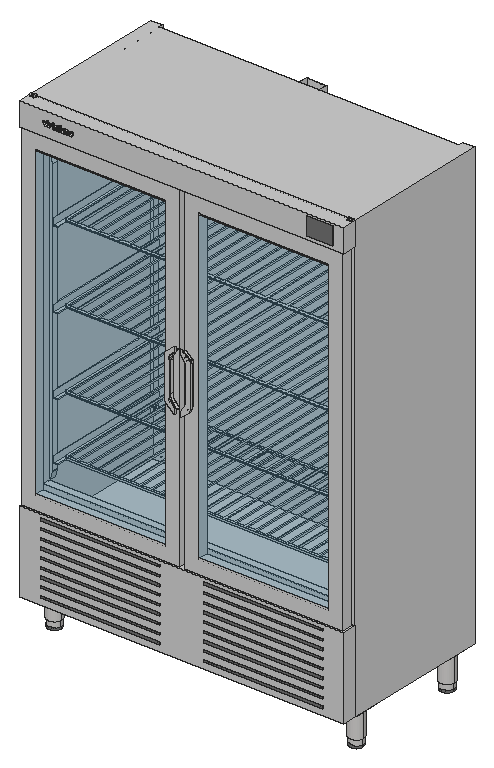
Revit family "QF_INFRICO_AEX1000TF_250814103541", category Specialty Equipment, Revit 2021
Family settings
  Round Connector Dimension = Use Diameter
  Part Type = Normal
  OmniClass Number = 23.40.40.14
  OmniClass Title = Food Service Equipment
  Work Plane-Based = No
  Always vertical = Yes
  Cut with Voids When Loaded = No
  Shared = No
  Room Calculation Point = No
Parameters (values of type "AEX1000TF")
  Weight [instance] = 0.00 kg
  Waste Water Discharge Temperature [instance] = 0 °C
  Waste Remarks [instance] = ""
  Warranty Start Date [instance] = ""
  Warranty Duration [instance] = ""
  Volts [instance] = 230 V
  Volt Free Conn [instance] = no
  URL Recommended Spares List [instance] = ""
  URL Manufacturer [instance] = ""
  URL Cutsheet [instance] = ""
  URL Critical Spares List [instance] = ""
  URL = "www.infrico.com"
  Technical Documentation [instance] = ""
  Tag Number [instance] = ""
  Status [instance] = ""
  Start Up Current [instance] = 0 A
  Specification by User [instance] = ""
  Specification by Manufacturer [instance] = ""
  Sound Level [instance] = ""
  Show Logo [instance] = yes
  Show Clearances [instance] = yes
  Service Life Duration [instance] = ""
  Serial Number [instance] = ""
  Seismic Rating [instance] = ""
  SMACNA No [instance] = ""
  Revision Code [instance] = ""
  Revision [instance] = ""
  Production Year [instance] = ""
  Potential Equalisation [instance] = no
  Point Load [instance] = 0
  Plumbing Connection Type [instance] = ""
  Phase [instance] = 1
  Other Equipment Approvals [instance] = ""
  Operational Current [instance] = 0 A
  Number of Poles [instance] = 2
  No Load Power Draw [instance] = no
  NAFEM Spec ID Number [instance] = ""
  Model Warning [instance] = ""
  Model = "AEX1000TF"
  Min Ckt Ampacity [instance] = 0 A
  Max Overcurrent Protection [instance] = 0 A
  Masterspec [instance] = ""
  Manufacturer = "INFRICO"
  Main switch integrated [instance] = no
  Length Actual [instance] = 1385 mm
  Item Number [instance] = ""
  Installed By [instance] = ""
  Installation Date [instance] = ""
  Indirect Waste Size [instance] = 19.05 mm
  Indirect Waste Remarks [instance] = ""
  Indirect Waste Flow [instance] = 0.0 L/s
  Indirect Waste Connection Type [instance] = ""
  Indirect Waste Connection Height [instance] = 0 mm
  Identify Quantity as Lot [instance] = no
  ID [instance] = ""
  Hygiene Approval [instance] = ""
  Height Actual [instance] = 2060 mm
  HP power [instance] = ""
  Furnished By [instance] = ""
  Foodservice Equipment Identifier [instance] = no
  FL Amps [instance] = 0 A
  Electrical Remarks [instance] = ""
  Electric power [instance] = 830 W
  Electric Connection Type [instance] = ""
  Elec Conn RI Height [instance] = 0 mm
  Elec Conn Connection Height [instance] = 0 mm
  ETL Approved [instance] = no
  Direct Waste Water Discharge Temperature [instance] = -273.15 °C
  Direct Waste Size [instance] = 19.05 mm
  Direct Waste RI Height [instance] = 0 mm
  Direct Waste Flow [instance] = 0.0 L/s
  Direct Waste Connection Height [instance] = 0 mm
  Description = "BOTTOM MOUNTED REFRIGERATOR AND FREEZER GLASS DOOR REACH IN - TWO DOORS - R134A"
  Depth Actual [instance] = 700 mm
  Default Elevation = 0 mm
  Cycle [instance] = 50 Hz
  Cost = 0
  Connection to energy optimisation system [instance] = yes
  Conn Plug [instance] = ""
  Conn Conduit [instance] = no
  Centralized building control system with digital interface [instance] = ""
  CSI MasterFormat [instance] = ""
  CE Approved [instance] = no
  Barcode [instance] = 0
  Author [instance] = ""
  Asset Identifier [instance] = ""
  Apparent Power [instance] = 830 VA
  Accessory [instance] = no
Reference planes
  plane 1 "Center (Front/Back)": y = 0
  plane 2: z = 0
  plane 3 "Center (Left/Right)": x = 0
Forms (mm)
  Extrusion 1, solid, not visible
    sketch origin (693.034, -106.005, 409.52) x (1, 0, 0) y (0, 1, 0)
      loop
        line (-2, 2) -> (-2, -2) -> (2, -2) -> (2, 2) -> (-2, 2)
    from -2 to 2
  Extrusion 2, solid, not visible
    sketch origin (1261.062, -20.001, 2021.099) x (1, 0, 0) y (0, 1, 0)
      loop
        line (-2, 2) -> (-2, -2) -> (2, -2) -> (2, 2) -> (-2, 2)
    from -2 to 2
Dimensions and locks
  locked: nested 2 to Extrusion 1 at 2  (x2)
  locked: nested 3 to Extrusion 2 at 2  (x2)
  aligned and locked: level to plane 2
Nested families
  nested 1: "QF_INFRICO_AEX1000TF_2920" at (0, 0, 150), type "AEX1000TF"
    with Weight 0.00 kg, Warranty Start Date "", Warranty Duration "", URL Cutsheet "", Technical Documentation "", Tag Number "", Status "", Specification by User "", Specification by Manufacturer "", Sound Level "", Solid Fuel Type "", Show Logo yes, Show Clearances yes, Show Clearance yes, Service Life Duration "", Serial Number "", Seismic Rating "", SMACNA No "", Revision Code "", Revision "", Production Year "", Point Load 0, Other Equipment Approvals "", NAFEM Spec ID Number "", Model Warning "", Masterspec "", Length Actual 1385 mm, Item Number "", Installed By "", Installation Date "", Identify Quantity as Lot yes, ID "", Hygiene Approval "", Height Actual 2060 mm, Furnished By "", Foodservice Equipment Identifier yes, ETL Approved yes, Depth Actual 700 mm, CSI MasterFormat "", CE Approved no, Barcode "", Author "", Asset Identifier "", Accessory no
  nested 2: "CONN_POINT_DRAIN_2D___Generic_Annotation" at (693.034, -106.005, 407.52), type "CONN_POINT_DRAIN_2D___Generic_Annotation"
    with Onboard connection annotation symbol visibility yes
  nested 3: "CONN_POINT_ELE_2D___Generic_Annotation" at (1261.062, -20.001, 2019.099), type "CONN_POINT_ELE_2D___Generic_Annotation"
    with Onboard connection annotation symbol visibility yes
  nested 4: "QF_INFRICO_LEGS_REACH_INS_5363" at (0, 0, 0), type "LEGS_1385_640"
    with Weight 0.00 kg, Warranty Start Date "", Warranty Duration "", URL Cutsheet "", Technical Documentation "", Tag Number "", Status "", Specification by User "", Specification by Manufacturer "", Sound Level "", Solid Fuel Type "", Show Logo yes, Show Clearances yes, Service Life Duration "", Serial Number "", Seismic Rating "", SMACNA No "", Revision Code "", Revision "", Production Year "", Point Load 0, Other Equipment Approvals "", NAFEM Spec ID Number "", Model Warning "", Masterspec "", Length Actual 1385 mm, Item Number "", Installed By "", Installation Date "", Identify Quantity as Lot yes, ID "", Hygiene Approval "", Height Actual 150 mm, Furnished By "", Foodservice Equipment Identifier yes, ETL Approved yes, Depth Actual 640 mm, CSI MasterFormat "", CE Approved no, Barcode "", Author "", Asset Identifier "", Accessory yes
Connectors
  piping at (693.034, -106.005, 407.52), diameter 19.05, driven by "Indirect Waste Size", driven by "Direct Waste Flow"
    settings: on Extrusion 1, index 1, connector inside diameter 609.6 mm, connector length 0 mm, flow factor 0, pipe flow 0.0 L/s, pressure drop 0.0 Pa, fitting loss kfactor 0, connector angle 0.00°, fixture units 0, engagement length 0 mm, angle of deflection 0.00°, flow configuration 1, flow direction 2, fitting loss method 0, system type 16, joint type 0, gender type 0, connector reference index -1, connector utility 0, adjustable connector no, is connector primary yes, connector description "Waste connection for AEX1000TF"
  electrical at (1261.062, -20.001, 2019.099), driven by "Apparent Power", driven by "Number of Poles", driven by "Volts"
    settings: on Extrusion 2, index 2, voltage 230 V, apparent load 0 VA, apparent load phase1 830 VA, apparent load phase2 0 VA, apparent load phase3 0 VA, power factor 1, load classification "Other", number of poles 2, system type 31, power factor state 1, is connector primary yes, connector utility no, sub classification motor no, connector description "Electrical connection for AEX1000TF"
Definition of nested family "QF_INFRICO_AEX1000TF_2920"
  Parameters (values of type "AEX1000TF")
    Weight [instance] = 0.00 kg
    Warranty Start Date [instance] = ""
    Warranty Duration [instance] = ""
    URL Cutsheet [instance] = ""
    URL = "www.infrico.com"
    Technical Documentation [instance] = ""
    Tag Number [instance] = ""
    Status [instance] = ""
    Specification by User [instance] = ""
    Specification by Manufacturer [instance] = ""
    Sound Level [instance] = ""
    Solid Fuel Type [instance] = ""
    Show Logo [instance] = yes
    Show Clearances [instance] = yes
    Show Clearance [instance] = yes
    Service Life Duration [instance] = ""
    Serial Number [instance] = ""
    Seismic Rating [instance] = ""
    SMACNA No [instance] = ""
    Revision Code [instance] = ""
    Revision [instance] = ""
    Production Year [instance] = ""
    Point Load [instance] = 0
    Other Equipment Approvals [instance] = ""
    NAFEM Spec ID Number [instance] = ""
    Model Warning [instance] = ""
    Model = "AEX1000TF"
    Masterspec [instance] = ""
    Manufacturer = "INFRICO"
    Length Actual [instance] = 0 mm
    Item Number [instance] = ""
    Installed By [instance] = ""
    Installation Date [instance] = ""
    Identify Quantity as Lot [instance] = yes
    ID [instance] = ""
    Hygiene Approval [instance] = ""
    Height Actual [instance] = 0 mm
    Furnished By [instance] = ""
    Foodservice Equipment Identifier [instance] = yes
    ETL Approved [instance] = yes
    Description = "BOTTOM MOUNTED REFRIGERATOR AND FREEZER GLASS DOOR REACH IN - TWO DOORS - R134A REFRIGERANT"
    Depth Actual [instance] = 0 mm
    Default Elevation = 0 mm
    CSI MasterFormat [instance] = ""
    CE Approved [instance] = yes
    Barcode [instance] = ""
    Author [instance] = ""
    Asset Identifier [instance] = ""
    Assembly Code = "E1090320"
    Accessory [instance] = yes
  Reference planes
    plane 1 "Back": y = 0
    plane 2: z = 0
    plane 3 "Left": x = 0
    plane 4 "Right": x = 1385
    plane 5 "Front": y = -700
    plane 6 "Top": z = 1902
  Forms (mm)
    Extrusion 1, solid
      sketch origin (0, -95, 1652) x (1, 0, 0) y (0, 1, 0)
        loop
          line (0, -545) -> (0, -605) -> (1385, -605) -> (1385, -545) -> (1382.5, -545) -> (1382.5, -558) -> (1360, -558) -> (1360, -545) -> (25, -545) -> (25, -558) -> (2.5, -558) -> (2.5, -545) -> (0, -545)
      from 150 to 250
    Extrusion 2, solid, visible <- "Show Logo"
      sketch origin (-1062.353, -699, 1146.37) x (1, 0, 0) y (0, 0, 1)
        loop
          line (1208.799, 696.53) -> (1208.799, 719.204) -> (1204.173, 719.204) -> (1204.173, 696.53) -> (1208.799, 696.53)
        loop
          line (1214.779, 713.006) -> (1211.283, 713.006) -> (1211.283, 696.53) -> (1215.772, 696.53) -> (1215.772, 707.832)
          arc (1215.772, 707.832) -> (1217.528, 708.741) -> (1219.417, 709.324) r 11.052
          arc (1219.417, 709.324) -> (1220.929, 708.961) -> (1221.598, 707.557) r 1.806
          line (1221.598, 707.557) -> (1221.598, 696.53) -> (1226.121, 696.53) -> (1226.121, 708.689)
          arc (1226.121, 708.689) -> (1224.637, 712.075) -> (1221.141, 713.281) r 4.607
          arc (1221.141, 713.281) -> (1218.282, 712.674) -> (1215.669, 711.361) r 11.435
          line (1215.669, 711.361) -> (1215.601, 712.184)
          arc (1215.601, 712.184) -> (1215.36, 712.765) -> (1214.779, 713.006) r 0.822
        loop
          line (1238.557, 720.102) -> (1237.306, 720.102)
          arc (1237.306, 720.102) -> (1235.052, 719.926) -> (1232.881, 719.297) r 11.103
          arc (1232.881, 719.297) -> (1230.805, 717.616) -> (1230.024, 715.062) r 4.567
          line (1230.024, 715.062) -> (1230.024, 712.909) -> (1227.351, 712.703) -> (1227.351, 709.374) -> (1230.024, 709.374) -> (1230.024, 696.53) -> (1234.547, 696.53) -> (1234.547, 709.374) -> (1238.249, 709.374) -> (1238.249, 712.938) -> (1234.547, 712.938) -> (1234.547, 714.548)
          arc (1234.547, 714.548) -> (1234.956, 715.705) -> (1236.045, 716.271) r 1.67
          line (1236.045, 716.271) -> (1237.7, 716.399)
          arc (1237.7, 716.399) -> (1238.306, 716.65) -> (1238.557, 717.255) r 0.857
          line (1238.557, 717.255) -> (1238.557, 720.102)
        loop
          line (1239.479, 713.006) -> (1239.479, 696.53) -> (1243.968, 696.53) -> (1243.968, 707.352)
          arc (1243.968, 707.352) -> (1245.873, 708.631) -> (1248.077, 709.268) r 7.435
          line (1248.077, 709.268) -> (1249.241, 709.416)
          arc (1249.241, 709.416) -> (1249.643, 709.758) -> (1249.793, 710.265) r 0.928
          line (1249.793, 710.265) -> (1249.793, 712.458)
          arc (1249.793, 712.458) -> (1249.531, 713.061) -> (1248.912, 713.28) r 0.824
          arc (1248.912, 713.28) -> (1246.197, 712.588) -> (1243.899, 710.984) r 7.833
          line (1243.899, 710.984) -> (1243.726, 713.006) -> (1239.479, 713.006)
        loop
          line (1255.495, 696.53) -> (1255.495, 713.006) -> (1251.006, 713.006) -> (1251.006, 696.53) -> (1255.495, 696.53)
        loop
          arc (1257.421, 701.327) -> (1258.567, 698.188) -> (1261.466, 696.525) r 4.873
          arc (1261.466, 696.525) -> (1264.493, 696.266) -> (1267.521, 696.525) r 17.816
          arc (1267.521, 696.525) -> (1270.575, 699.134) -> (1271.505, 703.041) r 6.481
          line (1271.505, 703.041) -> (1267.187, 703.041) -> (1267.187, 701.67)
          arc (1267.187, 701.67) -> (1266.64, 700.452) -> (1265.442, 699.865) r 1.965
          arc (1265.442, 699.865) -> (1264.547, 699.816) -> (1263.653, 699.865) r 8.196
          arc (1263.653, 699.865) -> (1262.417, 700.415) -> (1261.91, 701.67) r 1.806
          line (1261.91, 701.67) -> (1261.91, 707.9)
          arc (1261.91, 707.9) -> (1262.417, 709.155) -> (1263.653, 709.705) r 1.806
          arc (1263.653, 709.705) -> (1264.547, 709.754) -> (1265.442, 709.705) r 8.196
          arc (1265.442, 709.705) -> (1266.64, 709.118) -> (1267.187, 707.9) r 1.965
          line (1267.187, 707.9) -> (1267.187, 706.838) -> (1271.505, 706.838)
          arc (1271.505, 706.838) -> (1270.524, 710.556) -> (1267.521, 712.959) r 6.132
          arc (1267.521, 712.959) -> (1264.493, 713.294) -> (1261.466, 712.959) r 13.851
          arc (1261.466, 712.959) -> (1258.571, 711.349) -> (1257.421, 708.243) r 4.772
          line (1257.421, 708.243) -> (1257.421, 701.327)
        loop
          arc (1272.916, 701.329) -> (1273.993, 698.345) -> (1276.726, 696.734) r 4.676
          arc (1276.726, 696.734) -> (1278.515, 696.455) -> (1280.318, 696.291) r 28.371
          arc (1280.318, 696.291) -> (1282.122, 696.455) -> (1283.911, 696.734) r 28.371
          arc (1283.911, 696.734) -> (1286.644, 698.345) -> (1287.72, 701.329) r 4.676
          line (1287.72, 701.329) -> (1287.72, 708.242)
          arc (1287.72, 708.242) -> (1286.644, 711.226) -> (1283.911, 712.837) r 4.676
          arc (1283.911, 712.837) -> (1282.122, 713.116) -> (1280.318, 713.28) r 28.371
          arc (1280.318, 713.28) -> (1278.515, 713.116) -> (1276.726, 712.837) r 28.371
          arc (1276.726, 712.837) -> (1273.993, 711.226) -> (1272.916, 708.242) r 4.676
          line (1272.916, 708.242) -> (1272.916, 701.329)
        loop
          line (1277.405, 707.866) -> (1277.405, 701.705)
          arc (1277.405, 701.705) -> (1277.844, 700.556) -> (1278.936, 699.991) r 1.725
          arc (1278.936, 699.991) -> (1279.627, 699.918) -> (1280.318, 699.856) r 46.133
          arc (1280.318, 699.856) -> (1281.01, 699.918) -> (1281.701, 699.991) r 46.133
          arc (1281.701, 699.991) -> (1282.793, 700.556) -> (1283.231, 701.705) r 1.725
          line (1283.231, 701.705) -> (1283.231, 707.866)
          arc (1283.231, 707.866) -> (1282.793, 709.015) -> (1281.701, 709.58) r 1.725
          arc (1281.701, 709.58) -> (1281.01, 709.653) -> (1280.318, 709.716) r 46.133
          arc (1280.318, 709.716) -> (1279.627, 709.653) -> (1278.936, 709.58) r 46.133
          arc (1278.936, 709.58) -> (1277.844, 709.015) -> (1277.405, 707.866) r 1.725
        loop
          arc (1190.339, 696.543) -> (1191.411, 696.987) -> (1191.856, 698.059) r 1.516
          line (1191.856, 698.059) -> (1191.856, 703.891) -> (1196.035, 703.891)
          arc (1196.035, 703.891) -> (1196.79, 704.121) -> (1197.218, 704.782) r 1.147
          line (1197.218, 704.782) -> (1197.218, 706.211)
          arc (1197.218, 706.211) -> (1196.787, 707.258) -> (1195.719, 707.634) r 1.385
          line (1195.719, 707.634) -> (1194.52, 707.634) -> (1197.218, 710.332)
          arc (1197.218, 710.332) -> (1197.605, 711.266) -> (1197.218, 712.2) r 1.321
          line (1197.218, 712.2) -> (1196.495, 712.923)
          arc (1196.495, 712.923) -> (1195.54, 713.338) -> (1194.558, 712.991) r 1.422
          line (1194.558, 712.991) -> (1191.853, 710.286) -> (1191.853, 711.479)
          arc (1191.853, 711.479) -> (1191.443, 712.516) -> (1190.435, 712.992) r 1.516
          line (1190.435, 712.992) -> (1189.514, 712.992)
          arc (1189.514, 712.992) -> (1188.511, 712.514) -> (1188.103, 711.479) r 1.516
          line (1188.103, 711.479) -> (1188.103, 706.83) -> (1182.073, 701.336) -> (1182.073, 707.509) -> (1185.639, 711.075)
          arc (1185.639, 711.075) -> (1186.053, 712.073) -> (1185.639, 713.071) r 1.412
          line (1185.639, 713.071) -> (1184.987, 713.723)
          arc (1184.987, 713.723) -> (1183.939, 714.141) -> (1182.915, 713.667) r 1.428
          line (1182.915, 713.667) -> (1182.073, 712.825) -> (1182.073, 717.784)
          arc (1182.073, 717.784) -> (1181.658, 718.787) -> (1180.655, 719.203) r 1.418
          line (1180.655, 719.203) -> (1179.726, 719.203)
          arc (1179.726, 719.203) -> (1178.723, 718.787) -> (1178.308, 717.784) r 1.418
          line (1178.308, 717.784) -> (1178.308, 712.825) -> (1177.466, 713.667)
          arc (1177.466, 713.667) -> (1176.442, 714.141) -> (1175.394, 713.723) r 1.428
          line (1175.394, 713.723) -> (1174.742, 713.071)
          arc (1174.742, 713.071) -> (1174.328, 712.073) -> (1174.742, 711.075) r 1.412
          line (1174.742, 711.075) -> (1178.308, 707.509) -> (1178.308, 701.336) -> (1172.278, 706.83) -> (1172.278, 711.479)
          arc (1172.278, 711.479) -> (1171.87, 712.514) -> (1170.867, 712.992) r 1.516
          line (1170.867, 712.992) -> (1169.946, 712.992)
          arc (1169.946, 712.992) -> (1168.938, 712.516) -> (1168.528, 711.479) r 1.516
          line (1168.528, 711.479) -> (1168.528, 710.286) -> (1165.823, 712.991)
          arc (1165.823, 712.991) -> (1164.841, 713.338) -> (1163.886, 712.923) r 1.422
          line (1163.886, 712.923) -> (1163.163, 712.2)
          arc (1163.163, 712.2) -> (1162.776, 711.266) -> (1163.163, 710.332) r 1.321
          line (1163.163, 710.332) -> (1165.861, 707.634) -> (1164.662, 707.634)
          arc (1164.662, 707.634) -> (1163.594, 707.258) -> (1163.163, 706.211) r 1.385
          line (1163.163, 706.211) -> (1163.163, 704.782)
          arc (1163.163, 704.782) -> (1163.591, 704.121) -> (1164.346, 703.891) r 1.147
          line (1164.346, 703.891) -> (1168.525, 703.891) -> (1168.525, 698.059)
          arc (1168.525, 698.059) -> (1168.969, 696.987) -> (1170.042, 696.543) r 1.516
          line (1170.042, 696.543) -> (1190.339, 696.543)
      from 0 to 2
    Extrusion 3, solid
      sketch origin (57.067, -4.97, 1236.674) x (1, 0, 0) y (0, 0, 1)
        loop
          line (1169.616, 654.3) -> (1169.616, 577.9) -> (1281.216, 577.9) -> (1281.216, 654.3) -> (1169.616, 654.3)
      from 695.03 to 697.03
    Extrusion 4, solid
      sketch origin (5, -77, -10) x (0, 1, 0) y (0, 0, 1)
        loop
          line (-567, 1911) -> (-563, 1911) -> (-563, 1914.5)
          arc (-563, 1914.5) -> (-564.062, 1917.463) -> (-565.924, 1920) r 10.917
          line (-565.924, 1920) -> (-573.076, 1920)
          arc (-573.076, 1920) -> (-574.938, 1917.463) -> (-576, 1914.5) r 10.917
          line (-576, 1914.5) -> (-576, 1911) -> (-572, 1911) -> (-572, 1914.5)
          arc (-572, 1914.5) -> (-569.5, 1917) -> (-567, 1914.5) r 2.5
          line (-567, 1914.5) -> (-567, 1911)
      from 0 to 17.5
    Extrusion 5, solid
      sketch origin (2, -77, -10) x (0, 1, 0) y (0, 0, 1)
        loop
          arc (-567.161, 1915.382) -> (-569.948, 1916.96) -> (-572, 1914.5) r 2.5
          line (-572, 1914.5) -> (-571.49, 1908.671) -> (-564.851, 1909.252) -> (-567.161, 1915.382)
      from 0.5 to 3
    Extrusion 6, solid
      sketch origin (22, -77, -10) x (0, 1, 0) y (0, 0, 1)
        loop
          arc (-567.161, 1915.382) -> (-569.948, 1916.96) -> (-572, 1914.5) r 2.5
          line (-572, 1914.5) -> (-571.49, 1908.671) -> (-564.851, 1909.252) -> (-567.161, 1915.382)
      from 0.5 to 3
    Extrusion 7, solid
      sketch origin (1362.5, -77, -10) x (0, 1, 0) y (0, 0, 1)
        loop
          line (-567, 1911) -> (-563, 1911) -> (-563, 1914.5)
          arc (-563, 1914.5) -> (-564.062, 1917.463) -> (-565.924, 1920) r 10.917
          line (-565.924, 1920) -> (-573.076, 1920)
          arc (-573.076, 1920) -> (-574.938, 1917.463) -> (-576, 1914.5) r 10.917
          line (-576, 1914.5) -> (-576, 1911) -> (-572, 1911) -> (-572, 1914.5)
          arc (-572, 1914.5) -> (-569.5, 1917) -> (-567, 1914.5) r 2.5
          line (-567, 1914.5) -> (-567, 1911)
      from 0 to 17.5
    Extrusion 8, solid
      sketch origin (1359.5, -77, -10) x (0, 1, 0) y (0, 0, 1)
        loop
          arc (-567.161, 1915.382) -> (-569.948, 1916.96) -> (-572, 1914.5) r 2.5
          line (-572, 1914.5) -> (-571.49, 1908.671) -> (-564.851, 1909.252) -> (-567.161, 1915.382)
      from 0.5 to 3
    Extrusion 9, solid
      sketch origin (1379.5, -77, -10) x (0, 1, 0) y (0, 0, 1)
        loop
          arc (-567.161, 1915.382) -> (-569.948, 1916.96) -> (-572, 1914.5) r 2.5
          line (-572, 1914.5) -> (-571.49, 1908.671) -> (-564.851, 1909.252) -> (-567.161, 1915.382)
      from 0.5 to 3
    Extrusion 10, solid
      sketch origin (0, 0, 0) x (1, 0, 0) y (0, 1, 0)
        loop
          line (0, -640) -> (20, -640) -> (20, -20) -> (50, -20) -> (50, 0) -> (0, 0) -> (0, -640)
        loop
          line (1385, -640) -> (1385, 0) -> (1335, 0) -> (1335, -20) -> (1365, -20) -> (1365, -640) -> (1385, -640)
      from 0 to 1902
    Extrusion 11, solid
      sketch origin (0, 0, 0) x (1, 0, 0) y (0, 1, 0)
        loop
          line (20, -20) -> (20, -640) -> (1365, -640) -> (1365, -20) -> (20, -20)
        loop
          line (50, -610) -> (1335, -610) -> (1335, -50) -> (50, -50) -> (50, -610)
      from 257.5 to 1902
    Extrusion 12, void
      sketch origin (698, -390, 0) x (1, 0, 0) y (0, 0, 1)
        loop
          line (-648, 425) -> (637, 425) -> (637, 1747) -> (-648, 1747) -> (-648, 425)
      from 220 to 250
    Extrusion 13, solid
      sketch origin (20, 0, 0) x (1, 0, 0) y (0, 0, 1)
        loop
          line (52, 500) -> (52, 526.5) -> (50, 526.5) -> (50, 498) -> (68.5, 498) -> (68.5, 500) -> (52, 500)
      from 50 to 610
    Extrusion 14, solid
      sketch origin (-120.635, 115, 1315) x (1, 0, 0) y (0, 1, 0)
        loop
          arc (214.135, -210) -> (203.529, -214.393) -> (199.135, -225) r 15
          line (199.135, -225) -> (199.135, -665)
          arc (199.135, -665) -> (203.529, -675.607) -> (214.135, -680) r 15
          line (214.135, -680) -> (1412.135, -680)
          arc (1412.135, -680) -> (1422.742, -675.607) -> (1427.135, -665) r 15
          line (1427.135, -665) -> (1427.135, -225)
          arc (1427.135, -225) -> (1422.742, -214.393) -> (1412.135, -210) r 15
          line (1412.135, -210) -> (214.135, -210)
        loop
          arc (209.135, -665) -> (210.6, -668.536) -> (214.135, -670) r 5
          line (214.135, -670) -> (248.135, -670) -> (248.135, -220) -> (214.135, -220)
          arc (214.135, -220) -> (210.6, -221.464) -> (209.135, -225) r 5
          line (209.135, -225) -> (209.135, -665)
        loop
          line (703.135, -220) -> (703.135, -670) -> (743.135, -670) -> (743.135, -220) -> (703.135, -220)
        loop
          arc (1417.135, -225) -> (1415.671, -221.464) -> (1412.135, -220) r 5
          line (1412.135, -220) -> (1378.135, -220) -> (1378.135, -670) -> (1412.135, -670)
          arc (1412.135, -670) -> (1415.671, -668.536) -> (1417.135, -665) r 5
          line (1417.135, -665) -> (1417.135, -225)
        loop
          line (698.135, -220) -> (658.135, -220) -> (658.135, -670) -> (698.135, -670) -> (698.135, -220)
        loop
          line (653.135, -220) -> (613.135, -220) -> (613.135, -670) -> (653.135, -670) -> (653.135, -220)
        loop
          line (608.135, -220) -> (568.135, -220) -> (568.135, -670) -> (608.135, -670) -> (608.135, -220)
        loop
          line (563.135, -220) -> (523.135, -220) -> (523.135, -670) -> (563.135, -670) -> (563.135, -220)
        loop
          line (518.135, -220) -> (478.135, -220) -> (478.135, -670) -> (518.135, -670) -> (518.135, -220)
        loop
          line (473.135, -220) -> (433.135, -220) -> (433.135, -670) -> (473.135, -670) -> (473.135, -220)
        loop
          line (428.135, -220) -> (388.135, -220) -> (388.135, -670) -> (428.135, -670) -> (428.135, -220)
        loop
          line (383.135, -220) -> (343.135, -220) -> (343.135, -670) -> (383.135, -670) -> (383.135, -220)
        loop
          line (338.135, -220) -> (298.135, -220) -> (298.135, -670) -> (338.135, -670) -> (338.135, -220)
        loop
          line (293.135, -220) -> (253.135, -220) -> (253.135, -670) -> (293.135, -670) -> (293.135, -220)
        loop
          line (1153.135, -220) -> (1153.135, -670) -> (1193.135, -670) -> (1193.135, -220) -> (1153.135, -220)
        loop
          line (1148.135, -220) -> (1108.135, -220) -> (1108.135, -670) -> (1148.135, -670) -> (1148.135, -220)
        loop
          line (1103.135, -220) -> (1063.135, -220) -> (1063.135, -670) -> (1103.135, -670) -> (1103.135, -220)
        loop
          line (1058.135, -220) -> (1018.135, -220) -> (1018.135, -670) -> (1058.135, -670) -> (1058.135, -220)
        loop
          line (1013.135, -220) -> (973.135, -220) -> (973.135, -670) -> (1013.135, -670) -> (1013.135, -220)
        loop
          line (968.135, -220) -> (928.135, -220) -> (928.135, -670) -> (968.135, -670) -> (968.135, -220)
        loop
          line (923.135, -220) -> (883.135, -220) -> (883.135, -670) -> (923.135, -670) -> (923.135, -220)
        loop
          line (878.135, -220) -> (838.135, -220) -> (838.135, -670) -> (878.135, -670) -> (878.135, -220)
        loop
          line (833.135, -220) -> (793.135, -220) -> (793.135, -670) -> (833.135, -670) -> (833.135, -220)
        loop
          line (788.135, -220) -> (748.135, -220) -> (748.135, -670) -> (788.135, -670) -> (788.135, -220)
        loop
          line (1373.135, -220) -> (1333.135, -220) -> (1333.135, -670) -> (1373.135, -670) -> (1373.135, -220)
        loop
          line (1328.135, -220) -> (1288.135, -220) -> (1288.135, -670) -> (1328.135, -670) -> (1328.135, -220)
        loop
          line (1283.135, -220) -> (1243.135, -220) -> (1243.135, -670) -> (1283.135, -670) -> (1283.135, -220)
        loop
          line (1238.135, -220) -> (1198.135, -220) -> (1198.135, -670) -> (1238.135, -670) -> (1238.135, -220)
      from 95 to 100
    Extrusion 15, solid
      sketch origin (0, -50, 0) x (1, 0, 0) y (0, 0, 1)
        loop
          line (60, 433) -> (70, 463) -> (70, 468) -> (70, 1643) -> (60, 1678) -> (50, 1678) -> (50, 433) -> (60, 433)
      from 0 to 20
    Extrusion 16, solid
      sketch origin (0, -590, 0) x (1, 0, 0) y (0, 0, 1)
        loop
          line (60, 433) -> (70, 463) -> (70, 468) -> (70, 1643) -> (60, 1678) -> (50, 1678) -> (50, 433) -> (60, 433)
      from 0 to 20
    Extrusion 17, solid
      sketch origin (1365, 0, 0) x (-1, 0, 0) y (0, 0, -1)
        loop
          line (52, -500) -> (68.5, -500) -> (68.5, -498) -> (50, -498) -> (50, -526.5) -> (52, -526.5) -> (52, -500)
      from 50 to 610
    Extrusion 18, solid
      sketch origin (1385, -50, 0) x (-1, 0, 0) y (0, 0, -1)
        loop
          line (60, -433) -> (50, -433) -> (50, -1678) -> (60, -1678) -> (70, -1643) -> (70, -468) -> (70, -463) -> (60, -433)
      from 0 to 20
    Extrusion 19, solid
      sketch origin (1385, -590, 0) x (-1, 0, 0) y (0, 0, -1)
        loop
          line (60, -433) -> (50, -433) -> (50, -1678) -> (60, -1678) -> (70, -1643) -> (70, -468) -> (70, -463) -> (60, -433)
      from 0 to 20
    Extrusion 20, solid
      sketch origin (20, 0, 250) x (1, 0, 0) y (0, 0, 1)
        loop
          line (52, 500) -> (52, 526.5) -> (50, 526.5) -> (50, 498) -> (68.5, 498) -> (68.5, 500) -> (52, 500)
      from 50 to 610
    Extrusion 21, solid
      sketch origin (1365, 0, 250) x (-1, 0, 0) y (0, 0, -1)
        loop
          line (52, -500) -> (68.5, -500) -> (68.5, -498) -> (50, -498) -> (50, -526.5) -> (52, -526.5) -> (52, -500)
      from 50 to 610
    Extrusion 22, solid
      sketch origin (20, 0, 580) x (1, 0, 0) y (0, 0, 1)
        loop
          line (52, 500) -> (52, 526.5) -> (50, 526.5) -> (50, 498) -> (68.5, 498) -> (68.5, 500) -> (52, 500)
      from 50 to 610
    Extrusion 23, solid
      sketch origin (1365, 0, 580) x (-1, 0, 0) y (0, 0, -1)
        loop
          line (52, -500) -> (68.5, -500) -> (68.5, -498) -> (50, -498) -> (50, -526.5) -> (52, -526.5) -> (52, -500)
      from 50 to 610
    Extrusion 24, solid
      sketch origin (20, 0, 910) x (1, 0, 0) y (0, 0, 1)
        loop
          line (52, 500) -> (52, 526.5) -> (50, 526.5) -> (50, 498) -> (68.5, 498) -> (68.5, 500) -> (52, 500)
      from 50 to 610
    Extrusion 25, solid
      sketch origin (1365, 0, 910) x (-1, 0, 0) y (0, 0, -1)
        loop
          line (52, -500) -> (68.5, -500) -> (68.5, -498) -> (50, -498) -> (50, -526.5) -> (52, -526.5) -> (52, -500)
      from 50 to 610
    Extrusion 26, solid
      sketch origin (0, 0, -30) x (1, 0, 0) y (0, 0, 1)
        loop
          line (50, 1927) -> (1335, 1927) -> (1335, 1932) -> (50, 1932) -> (50, 1927)
      from 50 to 610
    Extrusion 27, solid
      sketch origin (0, 0, -1927) x (1, 0, 0) y (0, 0, 1)
        loop
          line (20, 1927) -> (1365, 1927) -> (1365, 1932) -> (20, 1932) -> (20, 1927)
      from 20 to 640
    Extrusion 28, solid
      sketch origin (698, -10, -30) x (1, 0, 0) y (0, 0, 1)
        loop
          circle (563, 1899) r 12.7
      from 0 to 10
    Extrusion 29, solid
      sketch origin (0, -95, 0) x (0, 1, 0) y (0, 0, 1)
        loop
          line (-545, 350) -> (-605, 350) -> (-605, 0) -> (-545, 0) -> (-545, 350)
      from 0 to 1385
    Extrusion 30, solid
      sketch origin (-2880.873, -698.1, -227.949) x (1, 0, 0) y (0, 0, 1)
        loop
          line (3478.016, 523.949) -> (2970.73, 523.949) -> (2970.73, 514.949) -> (3478.016, 514.949) -> (3478.016, 523.949)
        loop
          line (3478.016, 486.949) -> (2970.73, 486.949) -> (2970.73, 477.949) -> (3478.016, 477.949) -> (3478.016, 486.949)
        loop
          line (3478.016, 449.949) -> (2970.73, 449.949) -> (2970.73, 440.949) -> (3478.016, 440.949) -> (3478.016, 449.949)
        loop
          line (3478.016, 412.949) -> (2970.73, 412.949) -> (2970.73, 403.949) -> (3478.016, 403.949) -> (3478.016, 412.949)
        loop
          line (3478.016, 375.949) -> (2970.73, 375.949) -> (2970.73, 366.949) -> (3478.016, 366.949) -> (3478.016, 375.949)
        loop
          line (3478.016, 338.949) -> (2970.73, 338.949) -> (2970.73, 329.949) -> (3478.016, 329.949) -> (3478.016, 338.949)
        loop
          line (3478.016, 301.949) -> (2970.73, 301.949) -> (2970.73, 292.949) -> (3478.016, 292.949) -> (3478.016, 301.949)
        loop
          line (3478.016, 264.949) -> (2970.73, 264.949) -> (2970.73, 255.949) -> (3478.016, 255.949) -> (3478.016, 264.949)
        loop
          line (3478.016, 560.949) -> (2970.73, 560.949) -> (2970.73, 551.949) -> (3478.016, 551.949) -> (3478.016, 560.949)
      from 0 to 2
    Extrusion 31, solid
      sketch origin (-2182.873, -698.1, -227.949) x (1, 0, 0) y (0, 0, 1)
        loop
          line (3478.016, 523.949) -> (2970.73, 523.949) -> (2970.73, 514.949) -> (3478.016, 514.949) -> (3478.016, 523.949)
        loop
          line (3478.016, 486.949) -> (2970.73, 486.949) -> (2970.73, 477.949) -> (3478.016, 477.949) -> (3478.016, 486.949)
        loop
          line (3478.016, 449.949) -> (2970.73, 449.949) -> (2970.73, 440.949) -> (3478.016, 440.949) -> (3478.016, 449.949)
        loop
          line (3478.016, 412.949) -> (2970.73, 412.949) -> (2970.73, 403.949) -> (3478.016, 403.949) -> (3478.016, 412.949)
        loop
          line (3478.016, 375.949) -> (2970.73, 375.949) -> (2970.73, 366.949) -> (3478.016, 366.949) -> (3478.016, 375.949)
        loop
          line (3478.016, 338.949) -> (2970.73, 338.949) -> (2970.73, 329.949) -> (3478.016, 329.949) -> (3478.016, 338.949)
        loop
          line (3478.016, 301.949) -> (2970.73, 301.949) -> (2970.73, 292.949) -> (3478.016, 292.949) -> (3478.016, 301.949)
        loop
          line (3478.016, 264.949) -> (2970.73, 264.949) -> (2970.73, 255.949) -> (3478.016, 255.949) -> (3478.016, 264.949)
        loop
          line (3478.016, 560.949) -> (2970.73, 560.949) -> (2970.73, 551.949) -> (3478.016, 551.949) -> (3478.016, 560.949)
      from 0 to 2
    Extrusion 32, solid
      sketch origin (-120.635, 115, 985) x (1, 0, 0) y (0, 1, 0)
        loop
          arc (214.135, -210) -> (203.529, -214.393) -> (199.135, -225) r 15
          line (199.135, -225) -> (199.135, -665)
          arc (199.135, -665) -> (203.529, -675.607) -> (214.135, -680) r 15
          line (214.135, -680) -> (1412.135, -680)
          arc (1412.135, -680) -> (1422.742, -675.607) -> (1427.135, -665) r 15
          line (1427.135, -665) -> (1427.135, -225)
          arc (1427.135, -225) -> (1422.742, -214.393) -> (1412.135, -210) r 15
          line (1412.135, -210) -> (214.135, -210)
        loop
          arc (209.135, -665) -> (210.6, -668.536) -> (214.135, -670) r 5
          line (214.135, -670) -> (248.135, -670) -> (248.135, -220) -> (214.135, -220)
          arc (214.135, -220) -> (210.6, -221.464) -> (209.135, -225) r 5
          line (209.135, -225) -> (209.135, -665)
        loop
          line (703.135, -220) -> (703.135, -670) -> (743.135, -670) -> (743.135, -220) -> (703.135, -220)
        loop
          arc (1417.135, -225) -> (1415.671, -221.464) -> (1412.135, -220) r 5
          line (1412.135, -220) -> (1378.135, -220) -> (1378.135, -670) -> (1412.135, -670)
          arc (1412.135, -670) -> (1415.671, -668.536) -> (1417.135, -665) r 5
          line (1417.135, -665) -> (1417.135, -225)
        loop
          line (698.135, -220) -> (658.135, -220) -> (658.135, -670) -> (698.135, -670) -> (698.135, -220)
        loop
          line (653.135, -220) -> (613.135, -220) -> (613.135, -670) -> (653.135, -670) -> (653.135, -220)
        loop
          line (608.135, -220) -> (568.135, -220) -> (568.135, -670) -> (608.135, -670) -> (608.135, -220)
        loop
          line (563.135, -220) -> (523.135, -220) -> (523.135, -670) -> (563.135, -670) -> (563.135, -220)
        loop
          line (518.135, -220) -> (478.135, -220) -> (478.135, -670) -> (518.135, -670) -> (518.135, -220)
        loop
          line (473.135, -220) -> (433.135, -220) -> (433.135, -670) -> (473.135, -670) -> (473.135, -220)
        loop
          line (428.135, -220) -> (388.135, -220) -> (388.135, -670) -> (428.135, -670) -> (428.135, -220)
        loop
          line (383.135, -220) -> (343.135, -220) -> (343.135, -670) -> (383.135, -670) -> (383.135, -220)
        loop
          line (338.135, -220) -> (298.135, -220) -> (298.135, -670) -> (338.135, -670) -> (338.135, -220)
        loop
          line (293.135, -220) -> (253.135, -220) -> (253.135, -670) -> (293.135, -670) -> (293.135, -220)
        loop
          line (1153.135, -220) -> (1153.135, -670) -> (1193.135, -670) -> (1193.135, -220) -> (1153.135, -220)
        loop
          line (1148.135, -220) -> (1108.135, -220) -> (1108.135, -670) -> (1148.135, -670) -> (1148.135, -220)
        loop
          line (1103.135, -220) -> (1063.135, -220) -> (1063.135, -670) -> (1103.135, -670) -> (1103.135, -220)
        loop
          line (1058.135, -220) -> (1018.135, -220) -> (1018.135, -670) -> (1058.135, -670) -> (1058.135, -220)
        loop
          line (1013.135, -220) -> (973.135, -220) -> (973.135, -670) -> (1013.135, -670) -> (1013.135, -220)
        loop
          line (968.135, -220) -> (928.135, -220) -> (928.135, -670) -> (968.135, -670) -> (968.135, -220)
        loop
          line (923.135, -220) -> (883.135, -220) -> (883.135, -670) -> (923.135, -670) -> (923.135, -220)
        loop
          line (878.135, -220) -> (838.135, -220) -> (838.135, -670) -> (878.135, -670) -> (878.135, -220)
        loop
          line (833.135, -220) -> (793.135, -220) -> (793.135, -670) -> (833.135, -670) -> (833.135, -220)
        loop
          line (788.135, -220) -> (748.135, -220) -> (748.135, -670) -> (788.135, -670) -> (788.135, -220)
        loop
          line (1373.135, -220) -> (1333.135, -220) -> (1333.135, -670) -> (1373.135, -670) -> (1373.135, -220)
        loop
          line (1328.135, -220) -> (1288.135, -220) -> (1288.135, -670) -> (1328.135, -670) -> (1328.135, -220)
        loop
          line (1283.135, -220) -> (1243.135, -220) -> (1243.135, -670) -> (1283.135, -670) -> (1283.135, -220)
        loop
          line (1238.135, -220) -> (1198.135, -220) -> (1198.135, -670) -> (1238.135, -670) -> (1238.135, -220)
      from 95 to 100
    Extrusion 33, solid
      sketch origin (-120.635, 115, 655) x (1, 0, 0) y (0, 1, 0)
        loop
          arc (214.135, -210) -> (203.529, -214.393) -> (199.135, -225) r 15
          line (199.135, -225) -> (199.135, -665)
          arc (199.135, -665) -> (203.529, -675.607) -> (214.135, -680) r 15
          line (214.135, -680) -> (1412.135, -680)
          arc (1412.135, -680) -> (1422.742, -675.607) -> (1427.135, -665) r 15
          line (1427.135, -665) -> (1427.135, -225)
          arc (1427.135, -225) -> (1422.742, -214.393) -> (1412.135, -210) r 15
          line (1412.135, -210) -> (214.135, -210)
        loop
          arc (209.135, -665) -> (210.6, -668.536) -> (214.135, -670) r 5
          line (214.135, -670) -> (248.135, -670) -> (248.135, -220) -> (214.135, -220)
          arc (214.135, -220) -> (210.6, -221.464) -> (209.135, -225) r 5
          line (209.135, -225) -> (209.135, -665)
        loop
          line (703.135, -220) -> (703.135, -670) -> (743.135, -670) -> (743.135, -220) -> (703.135, -220)
        loop
          arc (1417.135, -225) -> (1415.671, -221.464) -> (1412.135, -220) r 5
          line (1412.135, -220) -> (1378.135, -220) -> (1378.135, -670) -> (1412.135, -670)
          arc (1412.135, -670) -> (1415.671, -668.536) -> (1417.135, -665) r 5
          line (1417.135, -665) -> (1417.135, -225)
        loop
          line (698.135, -220) -> (658.135, -220) -> (658.135, -670) -> (698.135, -670) -> (698.135, -220)
        loop
          line (653.135, -220) -> (613.135, -220) -> (613.135, -670) -> (653.135, -670) -> (653.135, -220)
        loop
          line (608.135, -220) -> (568.135, -220) -> (568.135, -670) -> (608.135, -670) -> (608.135, -220)
        loop
          line (563.135, -220) -> (523.135, -220) -> (523.135, -670) -> (563.135, -670) -> (563.135, -220)
        loop
          line (518.135, -220) -> (478.135, -220) -> (478.135, -670) -> (518.135, -670) -> (518.135, -220)
        loop
          line (473.135, -220) -> (433.135, -220) -> (433.135, -670) -> (473.135, -670) -> (473.135, -220)
        loop
          line (428.135, -220) -> (388.135, -220) -> (388.135, -670) -> (428.135, -670) -> (428.135, -220)
        loop
          line (383.135, -220) -> (343.135, -220) -> (343.135, -670) -> (383.135, -670) -> (383.135, -220)
        loop
          line (338.135, -220) -> (298.135, -220) -> (298.135, -670) -> (338.135, -670) -> (338.135, -220)
        loop
          line (293.135, -220) -> (253.135, -220) -> (253.135, -670) -> (293.135, -670) -> (293.135, -220)
        loop
          line (1153.135, -220) -> (1153.135, -670) -> (1193.135, -670) -> (1193.135, -220) -> (1153.135, -220)
        loop
          line (1148.135, -220) -> (1108.135, -220) -> (1108.135, -670) -> (1148.135, -670) -> (1148.135, -220)
        loop
          line (1103.135, -220) -> (1063.135, -220) -> (1063.135, -670) -> (1103.135, -670) -> (1103.135, -220)
        loop
          line (1058.135, -220) -> (1018.135, -220) -> (1018.135, -670) -> (1058.135, -670) -> (1058.135, -220)
        loop
          line (1013.135, -220) -> (973.135, -220) -> (973.135, -670) -> (1013.135, -670) -> (1013.135, -220)
        loop
          line (968.135, -220) -> (928.135, -220) -> (928.135, -670) -> (968.135, -670) -> (968.135, -220)
        loop
          line (923.135, -220) -> (883.135, -220) -> (883.135, -670) -> (923.135, -670) -> (923.135, -220)
        loop
          line (878.135, -220) -> (838.135, -220) -> (838.135, -670) -> (878.135, -670) -> (878.135, -220)
        loop
          line (833.135, -220) -> (793.135, -220) -> (793.135, -670) -> (833.135, -670) -> (833.135, -220)
        loop
          line (788.135, -220) -> (748.135, -220) -> (748.135, -670) -> (788.135, -670) -> (788.135, -220)
        loop
          line (1373.135, -220) -> (1333.135, -220) -> (1333.135, -670) -> (1373.135, -670) -> (1373.135, -220)
        loop
          line (1328.135, -220) -> (1288.135, -220) -> (1288.135, -670) -> (1328.135, -670) -> (1328.135, -220)
        loop
          line (1283.135, -220) -> (1243.135, -220) -> (1243.135, -670) -> (1283.135, -670) -> (1283.135, -220)
        loop
          line (1238.135, -220) -> (1198.135, -220) -> (1198.135, -670) -> (1238.135, -670) -> (1238.135, -220)
      from 95 to 100
    Extrusion 34, solid
      sketch origin (-120.635, 115, 405) x (1, 0, 0) y (0, 1, 0)
        loop
          arc (214.135, -210) -> (203.529, -214.393) -> (199.135, -225) r 15
          line (199.135, -225) -> (199.135, -665)
          arc (199.135, -665) -> (203.529, -675.607) -> (214.135, -680) r 15
          line (214.135, -680) -> (1412.135, -680)
          arc (1412.135, -680) -> (1422.742, -675.607) -> (1427.135, -665) r 15
          line (1427.135, -665) -> (1427.135, -225)
          arc (1427.135, -225) -> (1422.742, -214.393) -> (1412.135, -210) r 15
          line (1412.135, -210) -> (214.135, -210)
        loop
          arc (209.135, -665) -> (210.6, -668.536) -> (214.135, -670) r 5
          line (214.135, -670) -> (248.135, -670) -> (248.135, -220) -> (214.135, -220)
          arc (214.135, -220) -> (210.6, -221.464) -> (209.135, -225) r 5
          line (209.135, -225) -> (209.135, -665)
        loop
          line (703.135, -220) -> (703.135, -670) -> (743.135, -670) -> (743.135, -220) -> (703.135, -220)
        loop
          arc (1417.135, -225) -> (1415.671, -221.464) -> (1412.135, -220) r 5
          line (1412.135, -220) -> (1378.135, -220) -> (1378.135, -670) -> (1412.135, -670)
          arc (1412.135, -670) -> (1415.671, -668.536) -> (1417.135, -665) r 5
          line (1417.135, -665) -> (1417.135, -225)
        loop
          line (698.135, -220) -> (658.135, -220) -> (658.135, -670) -> (698.135, -670) -> (698.135, -220)
        loop
          line (653.135, -220) -> (613.135, -220) -> (613.135, -670) -> (653.135, -670) -> (653.135, -220)
        loop
          line (608.135, -220) -> (568.135, -220) -> (568.135, -670) -> (608.135, -670) -> (608.135, -220)
        loop
          line (563.135, -220) -> (523.135, -220) -> (523.135, -670) -> (563.135, -670) -> (563.135, -220)
        loop
          line (518.135, -220) -> (478.135, -220) -> (478.135, -670) -> (518.135, -670) -> (518.135, -220)
        loop
          line (473.135, -220) -> (433.135, -220) -> (433.135, -670) -> (473.135, -670) -> (473.135, -220)
        loop
          line (428.135, -220) -> (388.135, -220) -> (388.135, -670) -> (428.135, -670) -> (428.135, -220)
        loop
          line (383.135, -220) -> (343.135, -220) -> (343.135, -670) -> (383.135, -670) -> (383.135, -220)
        loop
          line (338.135, -220) -> (298.135, -220) -> (298.135, -670) -> (338.135, -670) -> (338.135, -220)
        loop
          line (293.135, -220) -> (253.135, -220) -> (253.135, -670) -> (293.135, -670) -> (293.135, -220)
        loop
          line (1153.135, -220) -> (1153.135, -670) -> (1193.135, -670) -> (1193.135, -220) -> (1153.135, -220)
        loop
          line (1148.135, -220) -> (1108.135, -220) -> (1108.135, -670) -> (1148.135, -670) -> (1148.135, -220)
        loop
          line (1103.135, -220) -> (1063.135, -220) -> (1063.135, -670) -> (1103.135, -670) -> (1103.135, -220)
        loop
          line (1058.135, -220) -> (1018.135, -220) -> (1018.135, -670) -> (1058.135, -670) -> (1058.135, -220)
        loop
          line (1013.135, -220) -> (973.135, -220) -> (973.135, -670) -> (1013.135, -670) -> (1013.135, -220)
        loop
          line (968.135, -220) -> (928.135, -220) -> (928.135, -670) -> (968.135, -670) -> (968.135, -220)
        loop
          line (923.135, -220) -> (883.135, -220) -> (883.135, -670) -> (923.135, -670) -> (923.135, -220)
        loop
          line (878.135, -220) -> (838.135, -220) -> (838.135, -670) -> (878.135, -670) -> (878.135, -220)
        loop
          line (833.135, -220) -> (793.135, -220) -> (793.135, -670) -> (833.135, -670) -> (833.135, -220)
        loop
          line (788.135, -220) -> (748.135, -220) -> (748.135, -670) -> (788.135, -670) -> (788.135, -220)
        loop
          line (1373.135, -220) -> (1333.135, -220) -> (1333.135, -670) -> (1373.135, -670) -> (1373.135, -220)
        loop
          line (1328.135, -220) -> (1288.135, -220) -> (1288.135, -670) -> (1328.135, -670) -> (1328.135, -220)
        loop
          line (1283.135, -220) -> (1243.135, -220) -> (1243.135, -670) -> (1283.135, -670) -> (1283.135, -220)
        loop
          line (1238.135, -220) -> (1198.135, -220) -> (1198.135, -670) -> (1238.135, -670) -> (1238.135, -220)
      from 95 to 100
    Extrusion 35, solid
      sketch origin (0, 0, -1669.5) x (1, 0, 0) y (0, 0, 1)
        loop
          line (20, 1927) -> (1365, 1927) -> (1365, 1932) -> (20, 1932) -> (20, 1927)
      from 20 to 640
    Extrusion 36, solid
      sketch origin (1, 0, 247.5) x (1, 0, 0) y (0, 1, 0)
        loop
          circle (692, -124) r 9.525
      from 0 to 10
    Extrusion 37, solid
      sketch origin (820, -1937, -351) x (0, 0, -1) y (0, 1, 0)
        loop
          circle (-355, 1921) r 4
        loop
          circle (-630, 1923) r 2
        loop
          circle (-605, 1923) r 2
        loop
          circle (-580, 1923) r 2
        loop
          circle (-555, 1923) r 2
        loop
          circle (-530, 1923) r 2
        loop
          circle (-505, 1923) r 2
        loop
          circle (-480, 1923) r 2
        loop
          circle (-455, 1923) r 2
        loop
          circle (-430, 1923) r 2
        loop
          circle (-405, 1923) r 2
        loop
          circle (-380, 1923) r 2
        loop
          circle (-655, 1923) r 2
        loop
          circle (-680, 1923) r 2
        loop
          circle (-705, 1923) r 2
      from -770 to 515
    Extrusion 38, solid
      sketch origin (414, -1929, -348) x (1, 0, 0) y (0, 1, 0)
        loop
          circle (917, 1921) r 4
        loop
          circle (278.5, 1921) r 4
        loop
          circle (-360, 1921) r 4
      from 348 to 718
    Extrusion 39, solid
      sketch origin (391.5, -5, 0) x (1, 0, 0) y (0, 1, 0)
        loop
          line (343.5, -15) -> (343.5, 25) -> (258.5, 25) -> (258.5, -15) -> (259.5, -15) -> (259.5, 24) -> (342.5, 24) -> (342.5, -15) -> (343.5, -15)
      from 370 to 1902
    Extrusion 40, solid
      sketch origin (0, -638, 55) x (1, 0, 0) y (0, 0, 1)
        loop
          line (652.5, 370) -> (732.5, 370) -> (732.5, 1722) -> (652.5, 1722) -> (652.5, 370)
      from 0 to 2
    Extrusion 41, solid
      sketch origin (704, -409, 355) x (1, 0, 0) y (0, 0, 1)
        loop
          line (661, 1427) -> (15, 1427) -> (15, 15) -> (661, 15) -> (661, 1427)
        loop
          line (631, 1397) -> (45, 1397) -> (45, 45) -> (631, 45) -> (631, 1397)
      from 231 to 248
    Extrusion 42, solid
      sketch origin (189.97, -4.942, 481.096) x (1, 0, 0) y (0, 0, 1)
        loop
          line (518.816, 723.04) -> (515.53, 723.04) -> (515.53, 703.04) -> (535.322, 671.778)
          arc (535.322, 671.778) -> (536.599, 669.028) -> (537.13, 666.043) r 11.743
          line (537.13, 666.043) -> (537.13, 523.765)
          arc (537.13, 523.765) -> (536.599, 520.779) -> (535.322, 518.029) r 11.743
          line (535.322, 518.029) -> (515.53, 486.767) -> (515.53, 466.767) -> (518.816, 466.767) -> (552.274, 494.842)
          arc (552.274, 494.842) -> (556.597, 500.476) -> (558.134, 507.408) r 16.404
          line (558.134, 507.408) -> (558.134, 682.399)
          arc (558.134, 682.399) -> (556.597, 689.332) -> (552.274, 694.965) r 16.404
          line (552.274, 694.965) -> (518.816, 723.04)
      from 713.68 to 715.78
    Extrusion 43, solid
      sketch origin (1192.902, -4.942, 481.096) x (-1, 0, 0) y (0, 0, -1)
        loop
          line (471.131, -498.425) -> (487.402, -482.154) -> (487.402, -479.189) -> (457.988, -503.87)
          arc (457.988, -503.87) -> (456.67, -505.587) -> (456.202, -507.7) r 5
          line (456.202, -507.7) -> (456.202, -682.691)
          arc (456.202, -682.691) -> (456.67, -684.804) -> (457.988, -686.521) r 5
          line (457.988, -686.521) -> (487.402, -711.202) -> (487.402, -708.237) -> (471.131, -691.967)
          arc (471.131, -691.967) -> (461.192, -677.092) -> (457.702, -659.546) r 45.85
          line (457.702, -659.546) -> (457.702, -530.845)
          arc (457.702, -530.845) -> (461.192, -513.299) -> (471.131, -498.425) r 45.85
      from 692.058 to 713.68
    Extrusion 44, solid
      sketch origin (902.098, -14.942, 413.857) x (0, 1, 0) y (0, 0, 1)
        loop
          line (-682.058, 1318.143) -> (-682.058, -3.857) -> (-678.07, -3.857) -> (-678.07, 1318.143) -> (-682.058, 1318.143)
      from -138.098 to 417.902
    Extrusion 45, solid
      sketch origin (902.098, -653, 418.857) x (1, 0, 0) y (0, 0, 1)
        loop
          line (-198.098, 1378.143) -> (-198.098, -63.857) -> (477.902, -63.857) -> (477.902, 1378.143) -> (-198.098, 1378.143)
        loop
          line (-138.098, 1318.143) -> (-138.098, -3.857) -> (417.902, -3.857) -> (417.902, 1318.143) -> (-138.098, 1318.143)
      from 4 to 44
    Extrusion 46, solid, detail levels coarse
      sketch origin (704, -636, 355) x (1, 0, 0) y (0, 1, 0)
        loop
          arc (0, -61) -> (186.28, -510.72) -> (636, -697) r 636
          line (636, -697) -> (676, -697) -> (676, -61) -> (0, -61)
      from 0 to 1442
    Extrusion 47, solid
      sketch origin (681, -409, 355) x (-1, 0, 0) y (0, 0, -1)
        loop
          line (661, -1427) -> (661, -15) -> (15, -15) -> (15, -1427) -> (661, -1427)
        loop
          line (631, -1397) -> (631, -45) -> (45, -45) -> (45, -1397) -> (631, -1397)
      from 231 to 248
    Extrusion 48, solid
      sketch origin (1195.03, -4.942, 481.096) x (-1, 0, 0) y (0, 0, -1)
        loop
          line (518.816, -723.04) -> (552.274, -694.965)
          arc (552.274, -694.965) -> (556.597, -689.332) -> (558.134, -682.399) r 16.404
          line (558.134, -682.399) -> (558.134, -507.408)
          arc (558.134, -507.408) -> (556.597, -500.476) -> (552.274, -494.842) r 16.404
          line (552.274, -494.842) -> (518.816, -466.767) -> (515.53, -466.767) -> (515.53, -486.767) -> (535.322, -518.029)
          arc (535.322, -518.029) -> (536.599, -520.779) -> (537.13, -523.765) r 11.743
          line (537.13, -523.765) -> (537.13, -666.043)
          arc (537.13, -666.043) -> (536.599, -669.028) -> (535.322, -671.778) r 11.743
          line (535.322, -671.778) -> (515.53, -703.04) -> (515.53, -723.04) -> (518.816, -723.04)
      from 713.68 to 715.78
    Extrusion 49, solid
      sketch origin (192.098, -4.942, 481.096) x (1, 0, 0) y (0, 0, 1)
        loop
          arc (471.131, 498.425) -> (461.192, 513.299) -> (457.702, 530.845) r 45.85
          line (457.702, 530.845) -> (457.702, 659.546)
          arc (457.702, 659.546) -> (461.192, 677.092) -> (471.131, 691.967) r 45.85
          line (471.131, 691.967) -> (487.402, 708.237) -> (487.402, 711.202) -> (457.988, 686.521)
          arc (457.988, 686.521) -> (456.67, 684.804) -> (456.202, 682.691) r 5
          line (456.202, 682.691) -> (456.202, 507.7)
          arc (456.202, 507.7) -> (456.67, 505.587) -> (457.988, 503.87) r 5
          line (457.988, 503.87) -> (487.402, 479.189) -> (487.402, 482.154) -> (471.131, 498.425)
      from 692.058 to 713.68
    Extrusion 50, solid
      sketch origin (482.902, -14.942, 413.857) x (0, 1, 0) y (0, 0, -1)
        loop
          line (-682.058, -1318.143) -> (-678.07, -1318.143) -> (-678.07, 3.857) -> (-682.058, 3.857) -> (-682.058, -1318.143)
      from -138.098 to 417.902
    Extrusion 51, solid
      sketch origin (482.902, -653, 418.857) x (-1, 0, 0) y (0, 0, -1)
        loop
          line (-198.098, -1378.143) -> (477.902, -1378.143) -> (477.902, 63.857) -> (-198.098, 63.857) -> (-198.098, -1378.143)
        loop
          line (-138.098, -1318.143) -> (417.902, -1318.143) -> (417.902, 3.857) -> (-138.098, 3.857) -> (-138.098, -1318.143)
      from 4 to 44
    Extrusion 52, solid, detail levels coarse
      sketch origin (681, -636, 355) x (-1, 0, 0) y (0, -1, 0)
        loop
          line (0, 61) -> (676, 61) -> (676, 697) -> (636, 697)
          arc (636, 697) -> (186.28, 510.72) -> (0, 61) r 636
      from 0 to 1442
  Cuts and joins
    Extrusion 12 cuts Extrusion 13
    Extrusion 12 cuts Extrusion 16
    Extrusion 12 cuts Extrusion 17
    Extrusion 12 cuts Extrusion 19
    Extrusion 12 cuts Extrusion 20
    Extrusion 12 cuts Extrusion 21
    Extrusion 12 cuts Extrusion 22
    Extrusion 12 cuts Extrusion 23
    Extrusion 12 cuts Extrusion 24
    Extrusion 12 cuts Extrusion 25
    Extrusion 12 cuts Extrusion 11
    joined: Extrusion 10, Extrusion 11, Extrusion 26, Extrusion 27, Extrusion 35
  Lines and regions (mm)
    symbolic lines, visible <- "Show Clearance"
      curve 1: line (0, -700, 0) -> (1385, -700, 0)
      curve 2: line (1385, -700, 0) -> (1385, 0, 0)
      curve 3: line (50, 0, 0) -> (0, 0, 0)
      curve 4: line (0, 0, 0) -> (0, -700, 0)
      curve 5: line (0, -640, 0) -> (1385, -640, 0)
      curve 6: line (1385, 0, 0) -> (1335, 0, 0)
      curve 7: line (1335, -20, 0) -> (50, -20, 0)
      curve 8: line (1335, 0, 0) -> (1335, -20, 0)
      curve 9: line (50, -20, 0) -> (50, 0, 0)
      curve 10: line (5, -700, 0) -> (5, -1333, 0)
      curve 11: line (5, -1333, 0) -> (45, -1333, 0)
      curve 12: arc (45, -1333, 0) -> (493.658, -1147.779, 0) -> (680.993, -700, 0) r 636
      curve 13: line (45, -1333, 0) -> (45, -700, 0)
      curve 14: line (1378.5, -1333, 0) -> (1378.5, -700, 0)
      curve 15: line (1378.5, -1333, 0) -> (1338.5, -1333, 0)
      curve 16: line (1338.5, -1333, 0) -> (1338.5, -700, 0)
      curve 17: arc (702.507, -700, 0) -> (889.842, -1147.779, 0) -> (1338.5, -1333, 0) r 636
  Dimensions and locks
    plane 6 "Top" to level = 1902 mm  (x2)
    plane 1 "Back" to plane 5 "Front" = 700 mm  (x2)
    plane 4 "Right" to plane 3 "Left" = 1385 mm
    plane 3 "Left" to plane 4 "Right" = 1385 mm
    aligned and locked: level to plane 2
  Connectors
    electrical at (1261, -10, 1869)
      settings: on Extrusion 28, index 2, voltage 0 V, apparent load 0 VA, apparent load phase1 0 VA, apparent load phase2 0 VA, apparent load phase3 0 VA, power factor 1, load classification none, number of poles 1, system type 31, power factor state 1, is connector primary yes, connector utility no, sub classification motor no, connector description "Electrical connection"
    piping at (693, -124, 247.5), diameter 19.1
      settings: on Extrusion 36, index 3, connector inside diameter 609.6 mm, connector length 0 mm, flow factor 0, pipe flow 0.0 L/s, pressure drop 0.0 Pa, fitting loss kfactor 0, connector angle 0.00°, fixture units 0, engagement length 0 mm, angle of deflection 0.00°, flow configuration 1, flow direction 2, fitting loss method 0, system type 16, joint type 0, gender type 0, connector reference index -1, connector utility 0, adjustable connector no, is connector primary yes, connector description "Drain connection"
Definition of nested family "QF_INFRICO_LEGS_REACH_INS_5363"
  Parameters (values of type "LEGS_930_756")
    Weight [instance] = 0.00 kg
    Warranty Start Date [instance] = ""
    Warranty Duration [instance] = ""
    URL Cutsheet [instance] = ""
    URL = "www.infrico.com"
    Technical Documentation [instance] = ""
    Tag Number [instance] = ""
    Status [instance] = ""
    Specification by User [instance] = ""
    Specification by Manufacturer [instance] = ""
    Sound Level [instance] = ""
    Solid Fuel Type [instance] = ""
    Show Logo [instance] = yes
    Show Clearances [instance] = yes
    Service Life Duration [instance] = ""
    Serial Number [instance] = ""
    Seismic Rating [instance] = ""
    SMACNA No [instance] = ""
    Right offset = 228 mm
    Revision Code [instance] = ""
    Revision [instance] = ""
    Rear offset = 163 mm
    Production Year [instance] = ""
    Point Load [instance] = 0
    Other Equipment Approvals [instance] = ""
    NAFEM Spec ID Number [instance] = ""
    Model Warning [instance] = ""
    Model = "LEGS_930_756"
    Masterspec [instance] = ""
    Manufacturer = "INFRICO"
    Length Actual [instance] = 0 mm
    Length = 930 mm
    Left offset = 136 mm
    Item Number [instance] = ""
    Installed By [instance] = ""
    Installation Date [instance] = ""
    Identify Quantity as Lot [instance] = yes
    ID [instance] = ""
    Hygiene Approval [instance] = ""
    Height Actual [instance] = 0 mm
    Height = 150 mm
    Furnished By [instance] = ""
    Front offset = 60 mm
    Foodservice Equipment Identifier [instance] = yes
    ETL Approved [instance] = yes
    Description = "LEGS"
    Depth Actual [instance] = 0 mm
    Depth = 756 mm
    Default Elevation = 0 mm
    CentralLegs = if(Length > 2000 mm, 2 > 1, 2 < 1)  # no
    CSI MasterFormat [instance] = ""
    CE Approved [instance] = yes
    Barcode [instance] = ""
    Author [instance] = ""
    Asset Identifier [instance] = ""
    Assembly Code = "E1090320"
    Accessory [instance] = yes
  Types (32, lengths in mm): name | Right offset | Rear offset | Model | Length | Left offset | Height | Front offset | Depth | CentralLegs
    LEGS_557_720 | 47 | 88 | "LEGS_557_720" | 557 | 47 | 150 | 67 | 720 | no
    LEGS_1124_720 | 47 | 88 | "LEGS_1124_720" | 1124 | 47 | 150 | 67 | 720 | no
    LEGS_687_640 | 47 | 88 | "LEGS_687_640" | 687 | 47 | 150 | 67 | 640 | no
    LEGS_1385_640 | 47 | 88 | "LEGS_1385_640" | 1385 | 47 | 150 | 67 | 640 | no
    LEGS_2081_640 | 47 | 88 | "LEGS_2081_640" | 2081 | 47 | 150 | 67 | 640 | yes
    LEGS_800_545 | 47 | 88 | "LEGS_800_545" | 800 | 47 | 150 | 67 | 545 | no
    LEGS_482_640 | 47 | 88 | "LEGS_482_640" | 482 | 47 | 150 | 67 | 640 | no
    LEGS_974_640 | 47 | 88 | "LEGS_974_640" | 974 | 47 | 150 | 67 | 640 | no
    LEGS_687_734 | 47 | 88 | "LEGS_687_734" | 687 | 47 | 150 | 67 | 734 | no
    LEGS_1385_734 | 47 | 88 | "LEGS_1385_734" | 1385 | 47 | 150 | 67 | 734 | no
    LEGS_756_900 | 47 | 88 | "LEGS_756_900" | 756 | 47 | 150 | 67 | 900 | no
    LEGS_752_677 | 47 | 88 | "LEGS_752_677" | 752 | 47 | 150 | 67 | 677 | no
    LEGS_2081_736 | 47 | 88 | "LEGS_2081_736" | 2081 | 47 | 150 | 67 | 736 | yes
    LEGS_702_700 | 74 | 110 | "LEGS_702_700" | 702 | 74 | 150 | 63 | 700 | no
    LEGS_1227_700 | 74 | 110 | "LEGS_1227_700" | 1227 | 74 | 150 | 63 | 700 | no
    LEGS_1533_700 | 74 | 110 | "LEGS_1533_700" | 1533 | 74 | 150 | 63 | 700 | no
    LEGS_1844_700 | 74 | 110 | "LEGS_1844_700" | 1844 | 74 | 150 | 63 | 700 | no
    LEGS_1050_768 | 208 | 60 | "LEGS_1050_768" | 1050 | 160 | 150 | 60 | 768 | no
    LEGS_1710_768 | 208 | 60 | "LEGS_1710_768" | 1710 | 160 | 150 | 60 | 768 | no
    LEGS_2370_768 | 208 | 60 | "LEGS_2370_768" | 2370 | 160 | 150 | 60 | 768 | yes
    LEGS_930_756 | 228 | 163 | "LEGS_930_756" | 930 | 136 | 150 | 60 | 756 | no
    LEGS_1235_756 | 228 | 163 | "LEGS_1235_756" | 1235 | 136 | 150 | 60 | 756 | no
    LEGS_1352_756 | 228 | 163 | "LEGS_1352_756" | 1352 | 136 | 150 | 60 | 756 | no
    LEGS_1845_756 | 228 | 163 | "LEGS_1845_756" | 1845 | 136 | 150 | 60 | 756 | no
    LEGS_2464_756 | 228 | 163 | "LEGS_2464_756" | 2464 | 136 | 150 | 60 | 756 | yes
    LEGS_2809_756 | 228 | 163 | "LEGS_2809_756" | 2809 | 136 | 150 | 60 | 756 | yes
    LEGS_1384_736 | 47 | 88 | "LEGS_1384_736" | 1384 | 47 | 150 | 67 | 736 | no
    LEGS_687_740 | 47 | 88 | "LEGS_687_740" | 687 | 47 | 140 | 67 | 740 | no
    LEGS_1385_740 | 47 | 88 | "LEGS_1385_740" | 1385 | 47 | 140 | 67 | 740 | no
